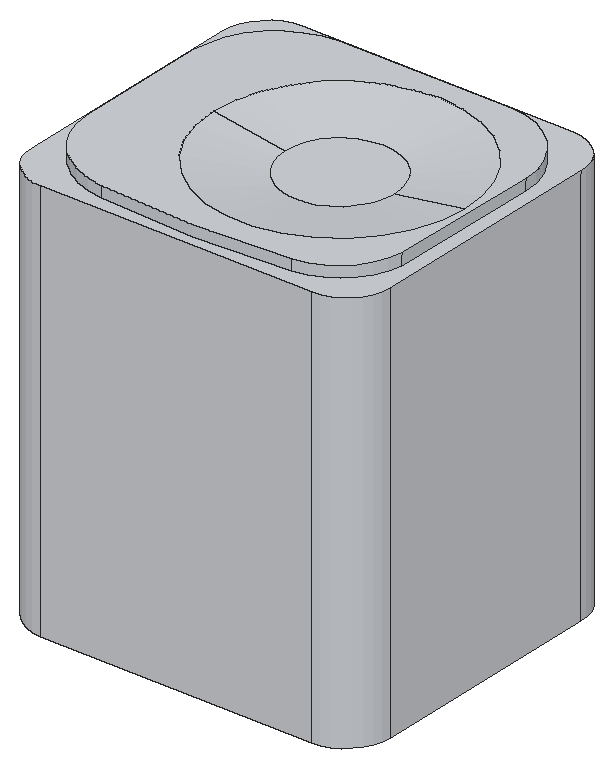
Revit family "M_Bomba de calor - Sistema de divisão - 9-18 kW", category Equipamento mecânico, Revit 2019
Family settings
  Cota do conector redondo = Usar raio
  Tipo de parte = Normal
  Número OmniClass = 23.75.10.21.11
  Título OmniClass = Air-Source Heat Pumps
  ID de item do Seek = Heat Pump - Split System - 9-18 kW-0000-CAN-ENU
  Com base no plano de trabalho = Não
  Sempre na vertical = Sim
  Corte com vazios quando carregada = Não
  Compartilhado = Não
  Ponto de cálculo do ambiente = Não
Parameters (values of type "9 kW")
  Voltagem = 460 V
  Raio 1 = 2.5 * Comprimento da bomba  # 2072.5 mm
  Raio 2 = Raio 1 - 25.4 mm  # 2047.1 mm
  Largura da bomba = 756 mm
  Comprimento da bomba = 829 mm
  Altura da bomba = 934 mm
  Altura do painel = 508 mm
  Raio da saída = 4 mm
  Diâmetro da saída = Raio da saída * 2  # 8 mm
  Número de pólos = 3
  Classificação de carga = Refrigeração
  Raio da embocadura = 10 mm
  Diâmetro da embocadura = Raio da embocadura * 2  # 20 mm
  Material da bomba de calor = none
  Raio do ventilador = Diâmetro do ventilador / 2  # 292 mm
  Diâmetro do ventilador = 584 mm
  C2 Deslocamento 2 = 210 mm
  C2 Deslocamento 1 = 79 mm
  C1 Deslocamento 2 = 143 mm
  C1 Deslocamento 1 = 92 mm
  Carga aparente [instance] = 5060 VA
Types (6, lengths in mm): name | Raio 1 | Raio 2 | Largura da bomba | Comprimento da bomba | Altura da bomba | Raio da saída | Diâmetro da saída | Raio da embocadura | Diâmetro da embocadura | Raio do ventilador | Diâmetro do ventilador | C2 Deslocamento 2 | C2 Deslocamento 1 | C1 Deslocamento 2 | C1 Deslocamento 1 | Carga aparente
  (no name) | 2072.5 | 2047.1 | 756 | 829 | 934 | 4 | 8 | 10 | 20 | 292 | 584 | 210 | 79 | 143 | 92 | 5060 VA
  9 kW | 2072.5 | 2047.1 | 756 | 829 | 934 | 4 | 8 | 10 | 20 | 292 | 584 | 210 | 79 | 143 | 92 | 5060 VA
  11 kW | 2365 | 2339.6 | 870 | 946 | 943 | 5 | 10 | 10 | 20 | 351 | 702 | 219 | 86 | 152 | 98 | 4140 VA
  12 kW | 2365 | 2339.6 | 870 | 946 | 1045 | 5 | 10 | 10 | 20 | 351 | 702 | 219 | 86 | 152 | 98 | 3220 VA
  14 kW | 2365 | 2339.6 | 870 | 946 | 1045 | 5 | 10 | 15 | 30 | 351 | 702 | 219 | 86 | 152 | 98 | 2760 VA
  18 kW | 2365 | 2339.6 | 870 | 946 | 1045 | 5 | 10 | 15 | 30 | 351 | 702 | 219 | 86 | 152 | 98 | 2300 VA
Reference planes
  plane 1 "Centro (Frente/Trás)": y = 0
  plane 2: z = 0
  plane 3 "Centro (Esquerda/Direita)": x = 0
  plane 4: x = 414.5
  plane 5: x = 829
  plane 6: y = 756
  plane 7: y = -1316.5
  plane 8: y = 2072.5
  plane 9: y = 378
  plane 10: x = -1243.5
  plane 11: x = 2072.5
  plane 12: z = 934
  plane 13: x = 490.7
  plane 14 "Superior": z = 959.4
  plane 15: z = 210
  plane 16: z = 143
  plane 17: x = 737
  plane 18: x = 750
  plane 19: y = 679.8
  plane 20: z = 426
  plane 21 "elétrica": through (761.787, 729.759, 1219.2) normal (0.627, 0.779, 0)
  plane 22: x = 701.675
Forms (mm)
  Extrusion 1, solid, material <- "Material da bomba de calor"
    sketch origin (0, 0, 0) x (1, 0, 0) y (0, 1, 0)
      loop
        arc (101.6, 756) -> (29.758, 726.242) -> (0, 654.4) r 101.6
        line (0, 654.4) -> (0, 101.6)
        arc (0, 101.6) -> (29.758, 29.758) -> (101.6, 0) r 101.6
        line (101.6, 0) -> (727.4, 0)
        arc (727.4, 0) -> (799.242, 29.758) -> (829, 101.6) r 101.6
        line (829, 101.6) -> (829, 654.4)
        arc (829, 654.4) -> (799.242, 726.242) -> (727.4, 756) r 101.6
        line (727.4, 756) -> (101.6, 756)
    from 0 to 934
  Extrusion 2, solid, material <- "Material da bomba de calor"
    sketch origin (0, 0, 0) x (1, 0, 0) y (0, 1, 0)
      loop
        arc (612.866, 720.966) -> (413.523, 730.6) -> (214.189, 720.776) r 2047.1
        arc (214.189, 720.776) -> (86.541, 662.771) -> (31.344, 533.884) r 193.952
        arc (31.344, 533.884) -> (25.4, 378) -> (31.344, 222.116) r 2047.1
        arc (31.344, 222.116) -> (86.423, 93.113) -> (214.189, 35.224) r 193.487
        arc (214.189, 35.224) -> (433.069, 25.484) -> (651.736, 39.193) r 2047.1
        arc (651.736, 39.193) -> (746.822, 85.396) -> (794.002, 180.002) r 164.11
        arc (794.002, 180.002) -> (803.491, 356.864) -> (797.656, 533.884) r 2047.1
        arc (797.656, 533.884) -> (742.058, 663.772) -> (612.866, 720.966) r 192.974
    from 934 to 959.4
  Blend 3, void
    base sketch origin (0, 0, 0) x (1, 0, 0) y (0, 1, 0)
      loop
        circle (490.7, 378) r 127
    top sketch origin (0, 0, 0) x (1, 0, 0) y (0, 1, 0)
      loop
        circle (490.7, 378) r 292
    from 934 to 959.4
  Extrusion 4, solid, material <- "Material da bomba de calor"
    sketch origin (0, 0, 0) x (1, 0, 0) y (0, 0, 1)
      loop
        circle (737, 143) r 10
    from -756 to -679.8
  Extrusion 5, solid, material <- "Material da bomba de calor"
    sketch origin (0, 0, 0) x (1, 0, 0) y (0, 0, 1)
      loop
        circle (750, 210) r 4
    from -756 to -679.8
  Extrusion 6, solid, material <- "Material da bomba de calor"
    sketch origin (0, 0, 0) x (1, 0, 0) y (0, 0, 1)
      loop
        circle (701.675, 426) r 6.35
    from -756 to -679.8
Cuts and joins
  Blend 3 cuts Extrusion 2
  joined: Extrusion 1, Extrusion 2, Extrusion 4, Extrusion 5, Extrusion 6
Dimensions and locks
  equal spacing: plane 3 "Centro (Esquerda/Direita)", plane 4, plane 5
  "Comprimento da bomba": plane 3 "Centro (Esquerda/Direita)" to plane 5
  "Raio 1": plane 6 to plane 7
  "Largura da bomba": plane 6 to plane 1 "Centro (Frente/Trás)"
  "Raio 1": plane 8 to plane 1 "Centro (Frente/Trás)"
  equal spacing: plane 6, plane 9, plane 1 "Centro (Frente/Trás)"
  "Raio 1": plane 10 to plane 5
  "Raio 1": plane 3 "Centro (Esquerda/Direita)" to plane 11
  "Altura da bomba": plane 12 to plane 2
  locked: plane 4 to plane 13 at 76.2
  locked: plane 14 "Superior" to plane 12 at 25.4
  "C2 Deslocamento 2": plane 2 to plane 15
  "C1 Deslocamento 2": plane 2 to plane 16
  "C1 Deslocamento 1": plane 5 to plane 17
  "C2 Deslocamento 1": plane 5 to plane 18
  locked: plane 6 to plane 19 at 76.2
  "Altura do painel": plane 12 to plane 20
  "Raio 2": radius of Extrusion 2 sketch curve  (x4)
  radius of Blend 3 sketch curve = 127 mm
  "Raio do ventilador": radius of Blend 3 sketch curve
  "Raio da embocadura": radius of Extrusion 4 sketch curve
  "Raio da saída": radius of Extrusion 5 sketch curve
  radius of Extrusion 1 sketch curve = 101.6 mm  (x4)
  radius of Extrusion 6 sketch curve = 6.35 mm
  aligned and locked: Extrusion 1 to plane 2
  aligned and locked: Extrusion 1 to plane 12
  aligned and locked: plane 14 "Superior" to Extrusion 2
  aligned and locked: plane 12 to Extrusion 2
  aligned and locked: plane 9 to Blend 3 sketch curve  (x2)
  aligned and locked: plane 13 to Blend 3 sketch curve  (x2)
  aligned and locked: plane 14 "Superior" to Blend 3
  aligned and locked: plane 12 to Blend 3
  aligned and locked: plane 15 to Extrusion 5 sketch curve
  aligned and locked: plane 18 to Extrusion 5 sketch curve
  aligned and locked: plane 16 to Extrusion 4 sketch curve
  aligned and locked: plane 17 to Extrusion 4 sketch curve
  aligned and locked: plane 6 to Extrusion 5
  aligned and locked: plane 6 to Extrusion 4
  aligned and locked: Extrusion 5 to plane 19
  aligned and locked: Extrusion 4 to plane 19
  aligned and locked: Extrusion 1 sketch curve to plane 6
  aligned and locked: Extrusion 1 sketch curve to plane 5
  aligned and locked: plane 20 to Extrusion 6 sketch curve
  aligned and locked: plane 22 to Extrusion 6 sketch curve
  aligned and locked: plane 6 to Extrusion 6
  aligned and locked: Extrusion 6 to plane 19
Automatic sketch dimensions
  Extrusion 2 sketch curve to plane 9 = 0 mm  (x2)
  Extrusion 2 sketch curve to plane 10 = 0 mm
  Extrusion 2 sketch curve to plane 4 = 0 mm  (x2)
  Extrusion 2 sketch curve to plane 11 = 0 mm
  Extrusion 2 sketch curve to plane 7 = 0 mm
  Extrusion 2 sketch curve to plane 8 = 0 mm
  plane 3 "Centro (Esquerda/Direita)" to Extrusion 2 sketch curve = 31.344 mm  (x2)
  Extrusion 2 sketch curve to plane 6 = 35.224 mm
  Extrusion 2 sketch curve to plane 1 "Centro (Frente/Trás)" = 35.224 mm
  Extrusion 2 sketch curve to plane 9 = 149.577 mm
  plane 9 to Extrusion 2 sketch curve = 149.136 mm
  plane 13 to Extrusion 2 sketch curve = 114.067 mm
  Extrusion 2 sketch curve to plane 6 = 35.034 mm
  Extrusion 2 sketch curve to plane 5 = 34.998 mm
  Extrusion 2 sketch curve to Extrusion 2 sketch curve = 0 mm  (x2)
  Extrusion 2 sketch curve to plane 5 = 31.344 mm
  Extrusion 1 sketch curve to plane 3 "Centro (Esquerda/Direita)" = 0 mm
  Extrusion 1 sketch curve to plane 1 "Centro (Frente/Trás)" = 0 mm
Connectors
  piping at (737, 756, 143), diameter 20, driven by "Raio da embocadura"
    settings: on Extrusion 4, index 1, connector inside diameter 20 mm, connector length 0 mm, flow factor 0, pipe flow 0.0 L/s, pressure drop 0.0 Pa, fitting loss kfactor 0, connector angle 0.00°, fixture units 0, engagement length 0 mm, angle of deflection 0.00°, flow configuration 0, flow direction 1, fitting loss method 0, system type 8, joint type 0, gender type 0, connector reference index 2, connector utility 0, adjustable connector no, is connector primary yes, connector description "Entrada de fluxo"
  piping at (750, 756, 210), diameter 8, driven by "Raio da saída"
    settings: on Extrusion 5, index 2, connector inside diameter 8 mm, connector length 0 mm, flow factor 0, pipe flow 0.0 L/s, pressure drop 0.0 Pa, fitting loss kfactor 0, connector angle 0.00°, fixture units 0, engagement length 0 mm, angle of deflection 0.00°, flow configuration 0, flow direction 2, fitting loss method 0, system type 7, joint type 0, gender type 0, connector reference index 1, connector utility 0, adjustable connector no, is connector primary no, connector description "Saída de fluxo"
  electrical at (701.675, 756, 426), driven by "Carga aparente", driven by "Voltagem", driven by "Número de pólos", driven by "Classificação de carga"
    settings: on Extrusion 6, index 3, voltage 460 V, apparent load 5060 VA, apparent load phase1 0 VA, apparent load phase2 0 VA, apparent load phase3 0 VA, power factor 0.8, load classification "Refrigeração", number of poles 3, system type 30, power factor state 1, is connector primary yes, connector utility no, sub classification motor no, connector description ""
